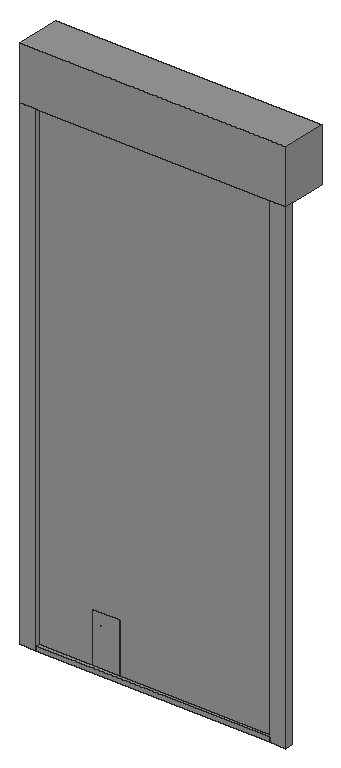
Revit family "bytec_EI60", category Обобщенные модели, Revit 2016
Family settings
  Основа = Стена
  Тип детали = Нормальный
  Может служить основой для арматурных стержней = Нет
  Размер круглого соединителя = Использовать диаметр
  Всегда вертикально = Да
  При загрузке вырезать с полостями = Нет
  Общий = Нет
  Точка расчета площади = Нет
Parameters (values of type "Противопожарная штора ШОЗ EI60")
  Эвакуационный лаз [instance] = yes
  Ширина конструкции [instance] = Ширина общая  # 1480 mm
  Ширина для подбора [instance] = Размер_Ширина_ округ * 1 mm  # 1500 mm
  Предупреждение [instance] = if(and(Эвакуационный лаз, ADSK_Размер_Высота < 2500 mm, ADSK_Размер_Ширина < 1500 mm), "Невозможно применить лаз", "")  # ""
  Отстаяние лючка от центра = 400 mm  # constant formula
  Люк для ППР слева [instance] = no
  Высота конструкции [instance] = Высота общая  # 3000 mm
  Высота для подбора [instance] = Размер_высота_округ * 1 mm  # 3000 mm
  Размер_высота_округ [instance] = roundup(ADSK_Размер_Высота / 500 mm) * 500  # 3000
  Размер_Ширина_ округ [instance] = roundup(ADSK_Размер_Ширина / 500 mm) * 500  # 1500
  движение по x [instance] = 27 mm  # constant formula
  Электросеть = 220 V
  Ширина полотна [instance] = Ширина конструкции - 50 mm  # 1430 mm
  Ширина общая [instance] = ADSK_Размер_Ширина + if(Направляющие в проем слева, 0 mm, Толщина направляющих) + if(Направляющие в проем справа, 0 mm, Толщина направляющих)  # 1480 mm
  Ширина люка = 150 mm  # constant formula
  Ширина лаза = 50 mm  # constant formula
  Ширина короба [instance] = size_lookup(FL_Таблица1, "AB", 0 mm, Ширина для подбора, Высота для подбора)  # 250 mm
  Цвет конструкции по RAL = ""
  Толщина полотна = 8 mm
  Толщина направляющих = 90 mm  # constant formula
  Ток1 = 10 A
  Тип монтажа направляющих [instance] = if(and(Направляющие в проем слева, Направляющие в проем справа), "в проем", "на проем")  # "на проем"
  Сухой контакт (В) = ""
  Снаружи справа [instance] = not(Направляющие в проем справа)  # yes
  Разработано = "support@bimlib.ru"  # constant formula
  Направляющие в проем слева [instance] = Направляющие в проем справа  # no
  Направляющие в проем справа [instance] = no
  Мощность двигателя [instance] = size_lookup(FL_Таблица1, "M", 0 W, Ширина для подбора, Высота для подбора)  # 135 W
  Материал полотна = Полотно EI 60
  Материал направляющих = Сталь х/к 0,8ПС  1.5мм
  Материал короба = Сталь х/к 0,8ПС  1.5мм
  Лючок для прокладки противопожарного рукава [instance] = yes
  Видимость 9 [instance] = and(not(Видимость 10))  # yes
  Видимость 8 [instance] = and(Эвакуационный лаз, not(Видимость 1), not(Штора открыто))  # no
  Видимость 6 [instance] = and(Лючок для прокладки противопожарного рукава, Люк для ППР слева, not(Штора открыто), not(Видимость 4), not(Видимость 3))  # no
  Видимость 5 [instance] = and(Направляющие в проем слева, Направляющие в проем справа, not(Штора открыто))  # no
  Видимость 7 [instance] = and(Лючок для прокладки противопожарного рукава, not(Люк для ППР слева), not(Штора открыто), not(Видимость 3), not(Видимость 4))  # no
  Видимость 12 [instance] = if(and(not(ADSK_Размер_Высота < 2500 mm), not(ADSK_Размер_Ширина < 1500 mm), not(ADSK_Размер_Ширина < 1500 mm), Эвакуационный лаз, Видимость 8), 1 = 1, 1 = 0)  # no
  Видимость 11 [instance] = if(and(not(ADSK_Размер_Высота < 2500 mm), not(ADSK_Размер_Ширина < 1500 mm), not(ADSK_Размер_Ширина < 1500 mm), Эвакуационный лаз, Видимость 1), 1 = 1, 1 = 0)  # no
  Видимость 10 [instance] = and(Направляющие в проем слева, Направляющие в проем справа)  # no
  Watermarked By = ""
  Type Comments = "﻿﻿ ​ ​​​​​​   ﻿ ​   ﻿       ​ ﻿ ​ ​ ﻿ ​   ﻿       ​ ﻿   ﻿     ﻿   ​       ﻿  ﻿ ﻿   ﻿ ﻿   ﻿        ​​ ​        ​ ﻿   ​ ﻿ ​                ﻿                ​  ﻿        ﻿﻿"
  Изготовитель = "ООО 'БиКомс Холдинг'"  # constant formula
  Диаметр вала [instance] = size_lookup(FL_Таблица1, "V", 0 mm, Ширина для подбора, Высота для подбора)  # 60 mm
  Движение коннектора по y [instance] = if(and(Снаружи слева, Снаружи справа), 330 mm, 150 mm)  # 330 mm
  Движение коннектора по x [instance] = if(and(Снаружи слева, Снаружи справа), 10 mm, 150 mm)  # 10 mm
  Глубина направляющих = 45 mm  # constant formula
  Выступ = 1 mm  # constant formula
  Высота общая [instance] = if(and(Направляющие в проем слева, Направляющие в проем справа), ADSK_Размер_Высота, ADSK_Размер_Высота + Высота короба)  # 3000 mm
  Высота люка = 300 mm  # constant formula
  Высота лаза = 2000 mm  # constant formula
  Штора открыто [instance] = no
  Снаружи слева [instance] = not(Направляющие в проем слева)  # yes
  Высота короба [instance] = size_lookup(FL_Таблица1, "HB", 0 mm, Ширина для подбора, Высота для подбора)  # 300 mm
  Видимость 4 [instance] = and(Лючок для прокладки противопожарного рукава, Видимость 2, not(Люк для ППР слева), not(Штора открыто))  # yes
  Видимость 2 [instance] = and(not(Видимость 5), not(Штора открыто))  # yes
  Видимость 3 [instance] = and(Лючок для прокладки противопожарного рукава, Видимость 2, Люк для ППР слева, not(Штора открыто))  # no
  Видимость 1 [instance] = and(Эвакуационный лаз, not(Видимость 5), not(Штора открыто))  # yes
  Вес м2 полотна [instance] = 1.90 kg
  Вес 1м ширины короба [instance] = size_lookup(FL_Таблица1, "dt", 0.00 kg, Ширина для подбора, Высота для подбора)  # 21.45 kg
  URL = "http://fireproof.bikoms.ru/"
  Keynote = "﻿﻿ ​ ​​​​​​   ﻿ ​   ﻿       ​ ﻿ ​ ​ ﻿ ​   ﻿       ​ ﻿   ﻿     ﻿   ​       ﻿  ﻿ ﻿   ﻿ ﻿   ﻿        ​​ ​        ​ ﻿   ​ ﻿ ​                ﻿                ​  ﻿        ﻿﻿"
  H [instance] = if(and(Направляющие в проем слева, Направляющие в проем справа), ADSK_Размер_Высота, ADSK_Размер_Высота)  # 2700 mm
  FL_Таблица1 = "СеткаКоробов1"
  Description = "﻿﻿ ​ ​​​​​​   ﻿ ​   ﻿       ​ ﻿ ​ ​ ﻿ ​   ﻿       ​ ﻿   ﻿     ﻿   ​       ﻿  ﻿ ﻿   ﻿ ﻿   ﻿        ​​ ​        ​ ﻿   ​ ﻿ ​                ﻿                ​  ﻿        ﻿﻿"
  Assembly Code = "﻿﻿ ​ ​​​​​​   ﻿ ​   ﻿       ​ ﻿ ​ ​ ﻿ ​   ﻿       ​ ﻿   ﻿     ﻿   ​       ﻿  ﻿ ﻿   ﻿ ﻿   ﻿        ​​ ​        ​ ﻿   ​ ﻿ ​                ﻿                ​  ﻿        ﻿﻿"
  ADSK_Размер_Ширина [instance] = 1300 mm
  ADSK_Размер_Высота [instance] = 2700 mm
  ADSK_Примечание = ""
  ADSK_Предел огнестойкости [instance] = "EI60"
  ADSK_Позиция = ""
  ADSK_Обозначение = ""
  ADSK_Наименование краткое [instance] = size_lookup(FL_Таблица1, "", "Не найдено", Ширина для подбора, Высота для подбора)  # "EI60 1500x3000"
  ADSK_Наименование [instance] = "Автоматические противопожарные рулонные ворота (штора) «Огнепреграда bytec» модели ШОЗ-1"
  ADSK_Масса_Текст = ""
  ADSK_Код изделия = ""
  ADSK_Завод-изготовитель = ""
  ADSK_Единица измерения = "шт."
  ADSK_URL страницы изделия = ""
  ADSK_URL документации изделия = ""
Reference planes
  plane 1 "Стена": y = 0
  plane 2 "По центру (Влево/Вправо)": x = 125
  plane 3 "Назад": y = 150.02
  plane 4: x = -525
  plane 5: x = 775
  plane 6: z = 2700
  plane 7: x = -615
  plane 8: x = 865
  plane 9: y = 400.02
  plane 10: z = 3000
  plane 11: x = 825
  plane 12: x = -575
  plane 13: y = 75
  plane 14: y = 30
  plane 15: x = -510
  plane 16: y = 75
  plane 17: y = 30
  plane 18: x = 685
  plane 19: x = 760
  plane 20: x = -435
  plane 21: y = 52.5
  plane 22: y = -122.98
  plane 23: y = -130.98
  plane 24: y = 62.5
  plane 25: y = 54.5
  plane 26: y = 62.5
  plane 27: y = 54.5
  plane 28: x = 100
  plane 29: x = 150
  plane 30: z = 2000
  plane 31: y = 647.52
  plane 32: z = 2850
  plane 33: y = 100.02
  plane 34: z = 2400
  plane 35: x = -225
  plane 36: x = -75
  plane 37: x = 325
  plane 38: x = 475
  plane 39: z = 300
  plane 40: y = 105.786
  plane 41: y = 133.075
  plane 42: z = 25
  plane 43: y = -149.98
  plane 44: y = 177.02
  plane 45: y = 169.02
  plane 46: x = 100
  plane 47: x = 150
  plane 48: y = 150.02
  plane 49: y = 150.02
Forms (mm)
  Extrusion 1, void
    sketch origin (0, 0, 0) x (1, 0, 0) y (0, 1, 0)
      loop
        line (-525, 150.02) -> (-525, -149.98) -> (775, -149.98) -> (775, 150.02) -> (-525, 150.02)
    from 0 to 2700
  Extrusion 2, solid, material "Сталь х/к 0,8ПС  1.5мм" <- "Материал направляющих", visible <- "Снаружи слева"
    sketch origin (0, 0, 0) x (1, 0, 0) y (0, 1, 0)
      loop
        line (-525, 176.52) -> (-525, 195.02) -> (-615, 195.02) -> (-615, 150.02) -> (-525, 150.02) -> (-525, 168.52) -> (-575, 168.52) -> (-575, 176.52) -> (-525, 176.52)
    from 0 to 2700
  Extrusion 3, solid, material "Полотно EI 60" <- "Материал полотна", visible <- "Видимость 5"
    sketch origin (10, 10, 0) x (1, 0, 0) y (0, 1, 0)
      loop
        line (-520, -132.98) -> (-520, -140.98) -> (750, -140.98) -> (750, -132.98) -> (-520, -132.98)
    from 0 to 2700
  Extrusion 4, solid, material "Сталь х/к 0,8ПС  1.5мм" <- "Материал короба", visible <- "Направляющие в проем слева"
    sketch origin (250, -77.48, 0) x (-1, 0, 0) y (0, -1, 0)
      loop
        line (685, 46) -> (685, 27.5) -> (775, 27.5) -> (775, 72.5) -> (685, 72.5) -> (685, 54) -> (760, 54) -> (760, 46) -> (685, 46)
    from 0 to 2400
  Extrusion 5, solid, material "Сталь х/к 0,8ПС  1.5мм" <- "Материал направляющих", visible <- "Снаружи справа"
    sketch origin (0, 0, 0) x (1, 0, 0) y (0, 1, 0)
      loop
        line (775, 195.02) -> (775, 176.52) -> (825, 176.52) -> (825, 168.52) -> (775, 168.52) -> (775, 150.02) -> (865, 150.02) -> (865, 195.02) -> (775, 195.02)
    from 0 to 2700
  Extrusion 6, solid, material "Сталь х/к 0,8ПС  1.5мм" <- "Материал короба", visible <- "Видимость 9"
    sketch origin (125, 0, 0) x (0, 1, 0) y (0, 0, 1)
      loop
        line (150.02, 3000) -> (150.02, 2700) -> (400.02, 2700) -> (400.02, 3000) -> (150.02, 3000)
    from -740 to 740
  Extrusion 7, solid, material "Полотно EI 60" <- "Материал полотна", visible <- "Видимость 12"
    sketch origin (0, 0, 0) x (1, 0, 0) y (0, 1, 0)
      loop
        line (100, -121.98) -> (100, -131.98) -> (150, -131.98) -> (150, -121.98) -> (100, -121.98)
    from 0 to 2000
  Extrusion 8, solid, material "Сталь х/к 0,8ПС  1.5мм" <- "Материал короба", visible <- "Видимость 10"
    sketch origin (0, 0, 0) x (1, 0, 0) y (0, 1, 0)
      loop
        line (775, 100.02) -> (-525, 100.02) -> (-525, -149.98) -> (775, -149.98) -> (775, 100.02)
    from 2400 to 2700
  Extrusion 9, solid, material "Полотно EI 60" <- "Материал полотна", visible <- "Видимость 7"
    sketch origin (0, 0, 0) x (1, 0, 0) y (0, 1, 0)
      loop
        line (-225, -122.98) -> (-225, -130.98) -> (-75, -130.98) -> (-75, -122.98) -> (-225, -122.98)
    from 0 to 300
  Extrusion 10, solid, material "Полотно EI 60" <- "Материал полотна", visible <- "Видимость 6"
    sketch origin (0, 0, 0) x (1, 0, 0) y (0, 1, 0)
      loop
        line (325, -122.98) -> (325, -130.98) -> (475, -130.98) -> (475, -122.98) -> (325, -122.98)
    from 0 to 300
  Extrusion 11, solid, material "Сталь х/к 0,8ПС  1.5мм" <- "Материал направляющих", visible <- "Видимость 5"
    sketch origin (125, 80, 0) x (0, 1, 0) y (0, 0, 1)
      loop
        line (-229.683, 25) -> (-229.683, 0) -> (-184.98, 0) -> (-184.98, 7.184) -> (-199.98, 16.925) -> (-199.98, 25) -> (-229.683, 25)
    from -650 to 650
  Extrusion 12, solid, material "Сталь х/к 0,8ПС  1.5мм" <- "Материал короба", visible <- "Направляющие в проем справа"
    sketch origin (0, -77.48, 0) x (1, 0, 0) y (0, 1, 0)
      loop
        line (685, -46) -> (760, -46) -> (760, -54) -> (685, -54) -> (685, -72.5) -> (775, -72.5) -> (775, -27.5) -> (685, -27.5) -> (685, -46)
    from 0 to 2400
  Extrusion 13, solid, material "Полотно EI 60" <- "Материал полотна", visible <- "Видимость 2"
    sketch origin (10, 590, 0) x (1, 0, 0) y (0, 1, 0)
      loop
        line (-585, -412.98) -> (-585, -420.98) -> (815, -420.98) -> (815, -412.98) -> (-585, -412.98)
    from 0 to 2700
  Extrusion 14, solid, material "Полотно EI 60" <- "Материал полотна", visible <- "Видимость 11"
    sketch origin (0, 580, 0) x (1, 0, 0) y (0, 1, 0)
      loop
        line (100, -401.98) -> (100, -411.98) -> (150, -411.98) -> (150, -401.98) -> (100, -401.98)
    from 0 to 2000
  Extrusion 15, solid, material "Полотно EI 60" <- "Материал полотна", visible <- "Видимость 3"
    sketch origin (0, 580, 0) x (1, 0, 0) y (0, 1, 0)
      loop
        line (325, -402.98) -> (325, -410.98) -> (475, -410.98) -> (475, -402.98) -> (325, -402.98)
    from 0 to 300
  Extrusion 16, solid, material "Сталь х/к 0,8ПС  1.5мм" <- "Материал направляющих", visible <- "Видимость 2"
    sketch origin (125, 660, 0) x (0, 1, 0) y (0, 0, 1)
      loop
        line (-509.683, 25) -> (-509.683, 0) -> (-464.98, 0) -> (-464.98, 7.184) -> (-479.98, 16.925) -> (-479.98, 25) -> (-509.683, 25)
    from -650 to 650
  Extrusion 17, solid, material "Полотно EI 60" <- "Материал полотна", visible <- "Видимость 4"
    sketch origin (0, 0, 0) x (1, 0, 0) y (0, 1, 0)
      loop
        line (-225, 177.02) -> (-225, 169.02) -> (-75, 169.02) -> (-75, 177.02) -> (-225, 177.02)
    from 0 to 300
Lines and regions (mm)
  symbolic lines, style "GenericModel", visible <- "Снаружи слева"
    curve 1: line (-615, 195.02, 0) -> (-615, 150.02, 0)
  symbolic lines, style "GenericModel", visible <- "Снаружи справа"
    curve 2: line (-615, 177.02, 0) -> (865, 177.02, 0)
    curve 3: line (865, 195.02, 0) -> (865, 150.02, 0)
  symbolic lines, style "GenericModel", visible <- "Направляющие в проем слева"
    curve 4: line (-510, 150.02, 0) -> (-510, -149.98, 0)
    curve 6: line (-510, 0.02, 0) -> (760, 0.02, 0)
  symbolic lines, style "GenericModel", visible <- "Направляющие в проем справа"
    curve 5: line (760, 150.048, 0) -> (760, -149.98, 0)
Text (mm)
  text "Сторона размещения" at (-1848.837, 1116.779, 0), in view "Опорный уровень"
  text "Сторона размещения" at (0, 1409.804, 2854.306), in view "Слева"
  text "Сторона размещения" at (0, 499.811, 2980.732), in view "Справа"
Dimensions and locks
  host wall to plane 3 "Назад" = 0 mm
  equal spacing: plane 4, plane 2 "По центру (Влево/Вправо)", plane 5
  "ADSK_Размер_Ширина": plane 4 to plane 5
  "Толщина направляющих": plane 7 to plane 4
  "Толщина направляющих": plane 5 to plane 8
  "Ширина короба": plane 3 "Назад" to plane 9
  "Высота короба": plane 6 to plane 10
  "Толщина полотна": Extrusion 4 to Extrusion 4
  "Толщина направляющих": plane 18 to plane 5
  plane 18 to plane 19 = 75 mm
  "Толщина направляющих": plane 4 to plane 20
  plane 15 to plane 20 = 75 mm
  "Глубина направляющих": plane 13 to plane 14
  "Глубина направляющих": plane 17 to plane 16
  equal spacing: plane 13, plane 21, plane 14
  equal spacing: plane 17, plane 21, plane 16
  "Толщина полотна": plane 23 to plane 22
  "Толщина полотна": plane 26 to plane 27
  "Толщина полотна": plane 25 to plane 24
  plane 6 to Extrusion 6 = 300 mm
  plane 11 to curve 3 = 40 mm
  locked: plane 5 to plane 11 at 50
  locked: plane 12 to plane 4 at 50
  "Высота лаза": level to plane 30
  equal spacing: plane 28, plane 2 "По центру (Влево/Вправо)", plane 29
  "Ширина лаза": plane 28 to plane 29
  "Выступ": Extrusion 7 sketch curve to plane 22
  "Выступ": Extrusion 7 sketch curve to plane 23
  equal spacing: plane 10, plane 32, plane 6
  plane 9 to plane 31 = 247.5 mm
  "Движение коннектора по x": plane 17 to connector elem  (x2)
  "Высота короба": plane 6 to plane 34
  "Движение коннектора по y": connector elem to plane 10  (x2)
  locked: connector elem to plane 32
  locked: plane 33 to connector elem at 0
  "Ширина люка": plane 35 to plane 36
  "Ширина люка": plane 37 to plane 38
  "Высота люка": level to plane 39
  locked: Extrusion 11 sketch curve to Extrusion 11 sketch curve at 29.703
  locked: Extrusion 11 sketch curve to Extrusion 11 sketch curve at 15
  locked: Extrusion 5 sketch curve to Extrusion 5 sketch curve at 18.5  (x2)
  locked: Extrusion 2 sketch curve to Extrusion 2 sketch curve at 8
  locked: Extrusion 2 sketch curve to Extrusion 2 sketch curve at 18.5  (x2)
  Extrusion 5 to Extrusion 5 = 45 mm
  locked: Extrusion 5 sketch curve to Extrusion 5 sketch curve at 8
  locked: Extrusion 11 to plane 22 at 3
  "Толщина полотна": Extrusion 12 to Extrusion 12
  "движение по x": plane 22 to plane 43
  "Толщина полотна": plane 45 to plane 44
  plane 46 to plane 47 = 50 mm
  "Ширина лаза": plane 46 to plane 47
  "Выступ": Extrusion 14 sketch curve to plane 44
  "Выступ": Extrusion 14 sketch curve to plane 45
  locked: Extrusion 16 sketch curve to Extrusion 16 sketch curve at 29.703
  locked: Extrusion 16 sketch curve to Extrusion 16 sketch curve at 15
  locked: Extrusion 16 to plane 44 at 3
  "движение по x": plane 44 to plane 48
  locked: plane 49 to plane 48 at 0
  "Ширина короба": plane 43 to plane 33
  "Ширина короба": plane 49 to plane 9
  equal spacing: plane 36, plane 2 "По центру (Влево/Вправо)", plane 37
  "Отстаяние лючка от центра": plane 36 to plane 37
  "H": level to plane 6
  aligned and locked: host wall to plane 1 "Стена"
  aligned and locked: Extrusion 1 sketch curve to host wall  (x2)
  aligned and locked: plane 4 to Extrusion 1 sketch curve
  aligned and locked: Extrusion 1 sketch curve to plane 5
  aligned and locked: plane 6 to Extrusion 1
  aligned and locked: plane 4 to Extrusion 2  (x2)
  aligned and locked: Extrusion 2 to plane 7
  aligned and locked: Extrusion 2 to host wall
  aligned and locked: plane 6 to Extrusion 3
  aligned and locked: plane 12 to Extrusion 2 sketch curve
  aligned and locked: Extrusion 4 to plane 15
  aligned and locked: Extrusion 4 to plane 20
  aligned and locked: Extrusion 4 sketch curve to Extrusion 4 sketch curve
  aligned and locked: Extrusion 3 sketch curve to plane 22
  aligned and locked: Extrusion 3 sketch curve to plane 23
  aligned and locked: Extrusion 5 sketch curve to plane 5  (x2)
  aligned and locked: Extrusion 5 sketch curve to plane 11
  aligned and locked: plane 8 to Extrusion 5 sketch curve
  aligned and locked: Extrusion 5 sketch curve to host wall
  aligned and locked: Extrusion 6 sketch curve to Extrusion 2
  aligned and locked: plane 6 to Extrusion 6 sketch curve
  aligned and locked: Extrusion 6 sketch curve to plane 9
  aligned and locked: plane 6 to Extrusion 5
  aligned and locked: plane 10 to Extrusion 6
  aligned and locked: plane 6 to Extrusion 2
  aligned and locked: plane 8 to Extrusion 6
  aligned and locked: Extrusion 6 to plane 7
  aligned and locked: Extrusion 7 sketch curve to plane 28
  aligned and locked: plane 29 to Extrusion 7 sketch curve
  aligned and locked: plane 33 to Extrusion 8 sketch curve
  aligned and locked: plane 5 to Extrusion 8 sketch curve
  aligned and locked: Extrusion 8 sketch curve to plane 4
  aligned and locked: plane 6 to Extrusion 8
  aligned and locked: Extrusion 8 to plane 34
  aligned and locked: curve 4 to plane 15
  aligned and locked: curve 5 to plane 19
  aligned and locked: Extrusion 9 sketch curve to plane 22
  aligned and locked: Extrusion 9 sketch curve to plane 35
  aligned and locked: Extrusion 9 sketch curve to plane 23
  aligned and locked: plane 36 to Extrusion 9 sketch curve
  aligned and locked: plane 39 to Extrusion 9
  aligned and locked: Extrusion 10 sketch curve to Extrusion 3  (x2)
  aligned and locked: Extrusion 10 sketch curve to plane 37
  aligned and locked: plane 38 to Extrusion 10 sketch curve
  aligned and locked: Extrusion 9 to Extrusion 10
  aligned and locked: plane 5 to Extrusion 11
  aligned and locked: Extrusion 11 to plane 4
  aligned and locked: host wall to plane 43
  aligned and locked: Extrusion 12 sketch curve to Extrusion 12 sketch curve
  aligned and locked: plane 43 to Extrusion 12
  aligned and locked: Extrusion 13 sketch curve to plane 44
  aligned and locked: Extrusion 13 sketch curve to plane 45
  aligned and locked: Extrusion 14 sketch curve to plane 46
  aligned and locked: plane 47 to Extrusion 14 sketch curve
  aligned and locked: Extrusion 15 sketch curve to Extrusion 13  (x2)
  aligned and locked: plane 49 to host wall
  aligned and locked: plane 11 to Extrusion 13
  aligned and locked: Extrusion 13 to Extrusion 2
  aligned and locked: Extrusion 17 sketch curve to Extrusion 13
  aligned and locked: Extrusion 15 to Extrusion 17 sketch curve
  aligned and locked: plane 39 to Extrusion 17
  aligned and locked: host wall to Extrusion 8 sketch curve
  aligned and locked: Extrusion 13 to Extrusion 6
  aligned and locked: Extrusion 15 to plane 37
  aligned and locked: plane 35 to Extrusion 17 sketch curve
  aligned and locked: Extrusion 17 sketch curve to plane 36
  aligned and locked: plane 5 to Extrusion 16
  aligned and locked: Extrusion 16 to plane 4
  aligned and locked: Extrusion 4 to Extrusion 8
  aligned and locked: Extrusion 12 to Extrusion 8
  aligned and locked: curve 2 to Extrusion 13
  aligned and locked: Extrusion 2 to curve 1
  aligned and locked: curve 3 to Extrusion 5
Automatic sketch dimensions
  Extrusion 2 sketch curve to host wall = 0 mm
  Extrusion 2 sketch curve to plane 7 = 0 mm
  Extrusion 2 sketch curve to plane 4 = 0 mm  (x2)
  Extrusion 4 sketch curve to plane 20 = 0 mm  (x2)
  Extrusion 4 sketch curve to plane 4 = 0 mm
  host wall to Extrusion 4 sketch curve = 0 mm
  Extrusion 4 sketch curve to plane 23 = 0.5 mm
  plane 22 to Extrusion 4 sketch curve = 0.5 mm
  Extrusion 4 sketch curve to plane 22 = 18 mm
  Extrusion 6 sketch curve to plane 10 = 0 mm
  Extrusion 11 sketch curve to plane 42 = 0 mm
  Extrusion 11 sketch curve to level = 0 mm
  Extrusion 11 sketch curve to host wall = 0.297 mm
  level to Extrusion 11 sketch curve = 7.184 mm
  Extrusion 11 sketch curve to Extrusion 11 sketch curve = 8.075 mm
  Extrusion 12 sketch curve to plane 18 = 0 mm  (x2)
  Extrusion 12 sketch curve to plane 5 = 0 mm
  host wall to Extrusion 12 sketch curve = 0 mm
  plane 23 to Extrusion 12 sketch curve = 0.5 mm
  Extrusion 12 sketch curve to plane 22 = 0.5 mm
  plane 22 to Extrusion 12 sketch curve = 18 mm
  plane 2 "По центру (Влево/Вправо)" to Extrusion 15 sketch curve = 200 mm
  Extrusion 15 sketch curve to plane 38 = 0 mm
  plane 42 to Extrusion 16 sketch curve = 0 mm
  Extrusion 16 sketch curve to level = 0 mm
  level to Extrusion 16 sketch curve = 7.184 mm
  Extrusion 16 sketch curve to Extrusion 16 sketch curve = 8.075 mm
  Extrusion 16 sketch curve to plane 48 = 0.297 mm
  Extrusion 3 sketch curve to plane 15 = 0 mm
  Extrusion 4 sketch curve to plane 15 = 0 mm
  Extrusion 13 sketch curve to plane 15 = 65 mm
  Extrusion 3 sketch curve to plane 19 = 0 mm
  Extrusion 12 sketch curve to plane 19 = 0 mm
  plane 19 to Extrusion 13 sketch curve = 65 mm
  curve 1 to host wall = 0 mm
  curve 1 to plane 7 = 0 mm
  host wall to curve 4 = 0 mm
  host wall to curve 5 = 0 mm
  host wall to curve 6 = 0 mm
  curve 3 to host wall = 0 mm
  curve 4 to host wall = 0 mm
  host wall to curve 5 = 0.029 mm
Connectors
  electrical at (865, 40, 2670), driven by "Мощность двигателя", driven by "Мощность двигателя", driven by "Электросеть"
    settings: on Extrusion 6, index 1, voltage 220 V, apparent load 135 W, apparent load phase1 135 W, apparent load phase2 0 W, apparent load phase3 0 W, power factor 1, load classification "Прочее", number of poles 1, system type 30, power factor state 1, is connector primary yes, connector utility yes, sub classification motor no, connector description ""
  electrical at (-615, 40, 2670), driven by "Мощность двигателя", driven by "Электросеть"
    settings: on Extrusion 6, index 2, voltage 220 V, apparent load 0 W, apparent load phase1 135 W, apparent load phase2 0 W, apparent load phase3 0 W, power factor 1, load classification "Прочее", number of poles 1, system type 31, power factor state 1, is connector primary no, connector utility no, sub classification motor no, connector description ""
  electrical at (-615, 100.02, 2850), driven by "Сухой контакт (В)"
    settings: on Extrusion 6, index 3, voltage 0 V, apparent load 0 W, apparent load phase1 0 W, apparent load phase2 0 W, apparent load phase3 0 W, power factor 1, load classification "Прочее", number of poles 1, system type 11, power factor state 1, is connector primary no, connector utility no, sub classification motor no, connector description ""
